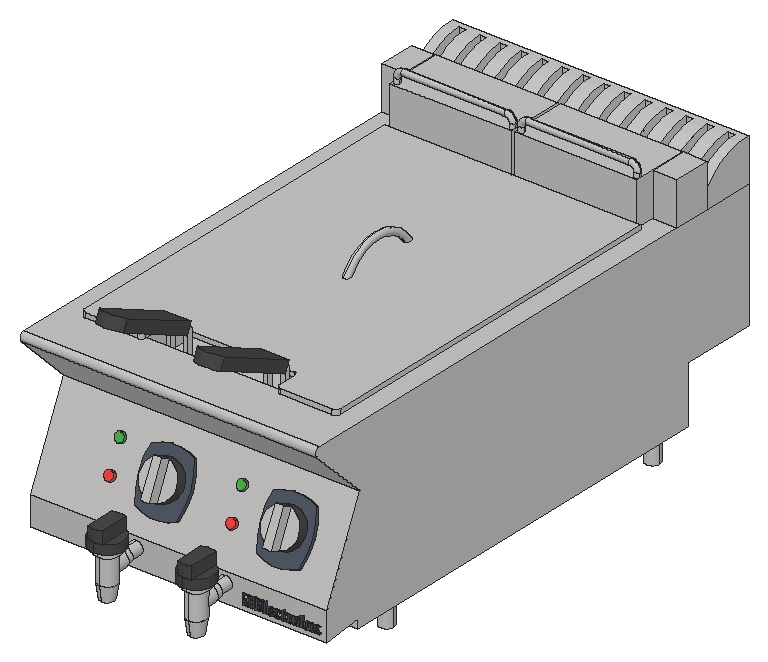
Revit family "QF_ELECTROLUXPROFESSIONAL_371139_E7FRED2A0N", category Specialty Equipment, Revit 2018 (continued)
Automatic sketch dimensions
  plane 5 "FRONT" to Extrusion 42 sketch curve = 1.377 mm  (x2)
  plane 4 "RIGHT" to Extrusion 42 sketch curve = 150.019 mm
  Extrusion 42 sketch curve to plane 1 "BACK" = 150.019 mm
  curve 120 to curve 121 = 0 mm  (x2)
  curve 122 to curve 123 = 0 mm  (x2)
  curve 82 to plane 4 "RIGHT" = 0 mm
  curve 124 to plane 3 "LEFT" = 0 mm
  curve 81 to plane 3 "LEFT" = 0 mm
  plane 1 "BACK" to curve 4 = 0 mm
  plane 4 "RIGHT" to curve 3 = 150.019 mm
  curve 12 to plane 4 "RIGHT" = 13.453 mm
  curve 12 to curve 14 = 9.296 mm
  plane 12 to curve 76 = 0.124 mm
  curve 76 to plane 4 "RIGHT" = 26.988 mm
  curve 76 to curve 89 = 4.762 mm
  plane 12 to curve 88 = 0.124 mm
  curve 76 to curve 88 = 6.35 mm
  curve 75 to curve 74 = 6.35 mm
  curve 86 to curve 137 = 4.26 mm
  plane 1 "BACK" to curve 60 = 6.761 mm
  curve 14 to curve 60 = 18.693 mm
  curve 60 to curve 63 = 9.296 mm
  plane 1 "BACK" to curve 56 = 6.761 mm
  curve 62 to curve 56 = 18.693 mm
  curve 56 to curve 58 = 9.296 mm
  plane 1 "BACK" to curve 52 = 6.761 mm
  curve 58 to curve 52 = 18.693 mm
  curve 75 to curve 73 = 69.85 mm
  curve 52 to curve 53 = 9.296 mm
  curve 73 to curve 72 = 6.35 mm
  plane 5 "FRONT" to curve 94 = 17.411 mm
  plane 7 "Center Y" to curve 94 = 84.555 mm
  curve 71 to curve 71 = 6.35 mm
  curve 94 to curve 123 = 2.624 mm
  curve 70 to curve 111 = 3.662 mm
  curve 111 to curve 112 = 5.857 mm
  plane 1 "BACK" to curve 48 = 6.761 mm
  curve 54 to curve 48 = 18.693 mm
  curve 123 to curve 129 = 8.805 mm
  plane 5 "FRONT" to curve 94 = 6.687 mm
  curve 115 to curve 94 = 18.617 mm
  curve 115 to plane 5 "FRONT" = 0.025 mm
  curve 115 to curve 94 = 0 mm
  curve 48 to curve 50 = 9.296 mm
  curve 129 to curve 123 = 9.626 mm
  curve 113 to curve 108 = 17.363 mm
  curve 122 to curve 128 = 9.626 mm
  curve 108 to curve 110 = 5.857 mm
  curve 128 to curve 122 = 6.458 mm
  curve 122 to curve 93 = 0.096 mm
  plane 1 "BACK" to curve 44 = 6.761 mm
  curve 50 to curve 44 = 18.693 mm
  curve 125 to curve 115 = 3.442 mm
  curve 115 to curve 94 = 3.442 mm
  curve 44 to curve 46 = 9.296 mm
  plane 1 "BACK" to curve 43 = 6.761 mm
  plane 7 "Center Y" to curve 43 = 18.642 mm
  curve 40 to curve 43 = 9.296 mm
  plane 7 "Center Y" to curve 135 = 5.848 mm
  plane 7 "Center Y" to curve 117 = 4.443 mm
  plane 7 "Center Y" to curve 86 = 1.587 mm
  curve 119 to plane 7 "Center Y" = 0.006 mm
  curve 84 to plane 7 "Center Y" = 1.588 mm
  curve 84 to curve 133 = 4.26 mm
  curve 37 to plane 7 "Center Y" = 9.346 mm
  curve 36 to curve 38 = 9.296 mm
  curve 37 to curve 33 = 18.693 mm
  curve 114 to plane 5 "FRONT" = 0.025 mm
  curve 114 to plane 7 "Center Y" = 43.878 mm
  curve 98 to curve 114 = 0 mm
  curve 32 to curve 34 = 9.296 mm
  curve 98 to curve 114 = 3.442 mm
  curve 95 to curve 126 = 0.205 mm
  curve 95 to curve 105 = 4.079 mm
  curve 126 to curve 120 = 9.626 mm
  curve 105 to curve 107 = 5.857 mm
  curve 33 to curve 28 = 18.693 mm
  plane 5 "FRONT" to curve 98 = 6.687 mm
  curve 114 to curve 98 = 18.617 mm
  curve 114 to curve 98 = 0 mm
  curve 120 to curve 127 = 9.626 mm
  curve 28 to curve 30 = 9.296 mm
  curve 106 to curve 102 = 17.363 mm
  curve 127 to curve 121 = 10.649 mm
  curve 102 to curve 103 = 5.857 mm
  curve 103 to curve 70 = 3.662 mm
  plane 5 "FRONT" to curve 114 = 10.698 mm
  curve 121 to curve 114 = 7.129 mm
  curve 69 to curve 68 = 6.35 mm
  curve 29 to curve 25 = 18.693 mm
  curve 67 to curve 67 = 6.35 mm
  curve 24 to curve 27 = 9.296 mm
  plane 1 "BACK" to curve 20 = 6.761 mm
  curve 26 to curve 20 = 18.693 mm
  curve 20 to curve 22 = 9.296 mm
  curve 21 to curve 16 = 18.693 mm
  curve 16 to curve 19 = 9.296 mm
  curve 130 to plane 12 = 10.711 mm
  plane 3 "LEFT" to curve 130 = 37.598 mm
  curve 17 to curve 83 = 8.104 mm
  plane 3 "LEFT" to curve 65 = 33.338 mm
  curve 83 to curve 80 = 1.588 mm
  curve 83 to curve 77 = 6.35 mm
  curve 79 to curve 9 = 9.001 mm
  curve 8 to curve 10 = 9.296 mm
  plane 5 "FRONT" to curve 1 = 1.377 mm
  curve 1 to plane 3 "LEFT" = 150.019 mm
  curve 1 to plane 1 "BACK" = 150.019 mm
  plane 1 "BACK" to curve 8 = 6.761 mm
  plane 1 "BACK" to curve 12 = 6.761 mm
  plane 1 "BACK" to curve 16 = 6.761 mm
  plane 1 "BACK" to curve 24 = 6.761 mm
  plane 1 "BACK" to curve 39 = 6.761 mm
  plane 1 "BACK" to curve 28 = 6.761 mm
  plane 1 "BACK" to curve 35 = 6.761 mm
  curve 32 to curve 33 = 57.15 mm
  curve 30 to curve 33 = 0 mm
  curve 32 to curve 36 = 0 mm
  curve 26 to curve 29 = 0 mm
  curve 36 to curve 40 = 0 mm
  curve 22 to curve 25 = 0 mm
  curve 40 to curve 44 = 0 mm
  curve 18 to curve 21 = 0 mm
  curve 44 to curve 48 = 0 mm
  curve 14 to curve 14 = 57.15 mm
  curve 48 to curve 52 = 0 mm
  curve 10 to curve 17 = 0 mm
  curve 52 to curve 56 = 0 mm
  curve 56 to curve 62 = 0 mm
  curve 13 to curve 89 = 5.939 mm
  curve 79 to curve 83 = 0 mm
  curve 78 to curve 130 = 16.277 mm
  curve 89 to plane 12 = 26.988 mm
  curve 134 to plane 12 = 10.711 mm
  curve 132 to plane 12 = 3.056 mm
  curve 137 to plane 12 = 3.056 mm
  curve 87 to curve 84 = 0 mm
  plane 8 "Center X" to curve 119 = 38.031 mm
  curve 118 to plane 8 "Center X" = 63.432 mm
  plane 11 to curve 70 = 26.127 mm
  curve 70 to curve 106 = 3.174 mm
  curve 70 to curve 104 = 3.174 mm
  plane 11 to curve 109 = 29.302 mm
  curve 70 to curve 111 = 3.174 mm
  curve 71 to curve 92 = 3.087 mm
  curve 106 to curve 107 = 6.263 mm
  curve 96 to curve 68 = 22.313 mm
  curve 91 to curve 100 = 22.313 mm
  curve 92 to curve 99 = 22.313 mm
  curve 7 to plane 5 "FRONT" = 0.483 mm
  curve 124 to plane 5 "FRONT" = 0.483 mm
  curve 125 to plane 5 "FRONT" = 0.483 mm
  plane 5 "FRONT" to curve 3 = 1.377 mm
  curve 115 to curve 91 = 6.713 mm
  curve 114 to curve 120 = 2.264 mm
  curve 120 to curve 98 = 4.449 mm
  curve 93 to curve 122 = 0.136 mm
  curve 98 to curve 126 = 0.138 mm
  curve 122 to curve 128 = 7.209 mm
  curve 123 to curve 129 = 5.031 mm
  curve 121 to curve 127 = 2.78 mm
  plane 9 "BASE" to Extrusion 43 sketch curve = 9.251 mm
  plane 9 "BASE" to Extrusion 43 sketch curve = 14.292 mm
  plane 9 "BASE" to Extrusion 43 sketch curve = 14.311 mm
  Extrusion 43 sketch curve to Extrusion 43 sketch curve = 0 mm  (x28)
  Extrusion 43 sketch curve to Extrusion 43 sketch curve = 5.108 mm  (x2)
  Extrusion 43 sketch curve to Extrusion 43 sketch curve = 0.054 mm
  Extrusion 43 sketch curve to Extrusion 43 sketch curve = 0.218 mm
  Extrusion 43 sketch curve to Extrusion 43 sketch curve = 0.195 mm
  Extrusion 43 sketch curve to Extrusion 43 sketch curve = 0.249 mm
  plane 9 "BASE" to Extrusion 43 sketch curve = 14.608 mm
  Extrusion 43 sketch curve to Extrusion 43 sketch curve = 0.087 mm
  Extrusion 43 sketch curve to Extrusion 43 sketch curve = 0.358 mm
  Extrusion 43 sketch curve to Extrusion 43 sketch curve = 0.481 mm
  Extrusion 43 sketch curve to Extrusion 43 sketch curve = 0.597 mm
  Extrusion 43 sketch curve to Extrusion 43 sketch curve = 0.544 mm
  Extrusion 43 sketch curve to Extrusion 43 sketch curve = 0.936 mm
  Extrusion 43 sketch curve to Extrusion 43 sketch curve = 0.594 mm
  Extrusion 43 sketch curve to Extrusion 43 sketch curve = 0.343 mm
  Extrusion 43 sketch curve to Extrusion 43 sketch curve = 0.159 mm
  Extrusion 43 sketch curve to Extrusion 43 sketch curve = 0.826 mm
  Extrusion 43 sketch curve to Extrusion 43 sketch curve = 0.839 mm
  Extrusion 43 sketch curve to Extrusion 43 sketch curve = 0.852 mm
  Extrusion 43 sketch curve to Extrusion 43 sketch curve = 0.887 mm
  Extrusion 43 sketch curve to Extrusion 43 sketch curve = 0.928 mm
  Extrusion 43 sketch curve to Extrusion 43 sketch curve = 0.938 mm
  Extrusion 43 sketch curve to Extrusion 43 sketch curve = 0.444 mm
  Extrusion 43 sketch curve to Extrusion 43 sketch curve = 1.11 mm  (x3)
  Extrusion 43 sketch curve to Extrusion 43 sketch curve = 0.215 mm
  Extrusion 43 sketch curve to Extrusion 43 sketch curve = 1.43 mm
  Extrusion 43 sketch curve to Extrusion 43 sketch curve = 1.188 mm
  Extrusion 43 sketch curve to Extrusion 43 sketch curve = 1.21 mm  (x2)
  Extrusion 43 sketch curve to Extrusion 43 sketch curve = 0.503 mm
  Extrusion 43 sketch curve to Extrusion 43 sketch curve = 0.488 mm
  Extrusion 43 sketch curve to plane 4 "RIGHT" = 8.187 mm
  Extrusion 43 sketch curve to Extrusion 43 sketch curve = 0.462 mm
  Extrusion 43 sketch curve to Extrusion 43 sketch curve = 1.386 mm
  Extrusion 43 sketch curve to Extrusion 43 sketch curve = 1.742 mm
  Extrusion 43 sketch curve to Extrusion 43 sketch curve = 0.821 mm
  Extrusion 43 sketch curve to Extrusion 43 sketch curve = 0.497 mm
  Extrusion 43 sketch curve to Extrusion 43 sketch curve = 0.539 mm
  Extrusion 43 sketch curve to Extrusion 43 sketch curve = 0.686 mm
  Extrusion 43 sketch curve to Extrusion 43 sketch curve = 0.408 mm
  Extrusion 43 sketch curve to Extrusion 43 sketch curve = 0.743 mm
  Extrusion 43 sketch curve to Extrusion 43 sketch curve = 1.16 mm
  Extrusion 43 sketch curve to Extrusion 43 sketch curve = 0.329 mm
  Extrusion 43 sketch curve to Extrusion 43 sketch curve = 1.054 mm
  Extrusion 43 sketch curve to Extrusion 43 sketch curve = 1.056 mm
  Extrusion 43 sketch curve to Extrusion 43 sketch curve = 0.129 mm
  Extrusion 43 sketch curve to Extrusion 43 sketch curve = 0.489 mm
  Extrusion 43 sketch curve to Extrusion 43 sketch curve = 0.441 mm
  Extrusion 43 sketch curve to Extrusion 43 sketch curve = 1.151 mm
  Extrusion 43 sketch curve to Extrusion 43 sketch curve = 1.141 mm  (x2)
  Extrusion 43 sketch curve to Extrusion 43 sketch curve = 0.768 mm
  Extrusion 43 sketch curve to Extrusion 43 sketch curve = 1.653 mm
  Extrusion 43 sketch curve to Extrusion 43 sketch curve = 0.499 mm
  Extrusion 43 sketch curve to Extrusion 43 sketch curve = 0.964 mm
  Extrusion 43 sketch curve to Extrusion 43 sketch curve = 0.949 mm
  Extrusion 43 sketch curve to Extrusion 43 sketch curve = 1.345 mm  (x3)
  Extrusion 43 sketch curve to Extrusion 43 sketch curve = 1.101 mm
  Extrusion 43 sketch curve to Extrusion 43 sketch curve = 0.432 mm
  Extrusion 43 sketch curve to Extrusion 43 sketch curve = 1.142 mm
  Extrusion 43 sketch curve to Extrusion 43 sketch curve = 0.959 mm
  Extrusion 43 sketch curve to Extrusion 43 sketch curve = 0.176 mm
  Extrusion 43 sketch curve to Extrusion 43 sketch curve = 0.728 mm
  Extrusion 43 sketch curve to Extrusion 43 sketch curve = 3.375 mm  (x2)
  Extrusion 43 sketch curve to Extrusion 43 sketch curve = 0.541 mm
  Extrusion 43 sketch curve to Extrusion 43 sketch curve = 0.955 mm
  Extrusion 43 sketch curve to Extrusion 43 sketch curve = 1.251 mm
  Extrusion 43 sketch curve to Extrusion 43 sketch curve = 0.572 mm
  Extrusion 43 sketch curve to Extrusion 43 sketch curve = 1.92 mm
  Extrusion 43 sketch curve to Extrusion 43 sketch curve = 1.224 mm
  Extrusion 43 sketch curve to Extrusion 43 sketch curve = 0.745 mm
  Extrusion 43 sketch curve to Extrusion 43 sketch curve = 2.537 mm
  Extrusion 43 sketch curve to Extrusion 43 sketch curve = 0.896 mm  (x3)
  Extrusion 43 sketch curve to Extrusion 43 sketch curve = 0.036 mm
  Extrusion 43 sketch curve to Extrusion 43 sketch curve = 2.607 mm
  Extrusion 43 sketch curve to Extrusion 43 sketch curve = 0.066 mm
  Extrusion 43 sketch curve to Extrusion 43 sketch curve = 0.248 mm
  Extrusion 43 sketch curve to Extrusion 43 sketch curve = 0.449 mm
  Extrusion 43 sketch curve to Extrusion 43 sketch curve = 1.052 mm
  Extrusion 43 sketch curve to Extrusion 43 sketch curve = 1.863 mm
  Extrusion 43 sketch curve to Extrusion 43 sketch curve = 1.31 mm  (x2)
  Extrusion 43 sketch curve to Extrusion 43 sketch curve = 0.901 mm
  Extrusion 43 sketch curve to Extrusion 43 sketch curve = 1.107 mm
  Extrusion 43 sketch curve to Extrusion 43 sketch curve = 2.122 mm
  Extrusion 43 sketch curve to Extrusion 43 sketch curve = 2.101 mm
  Extrusion 43 sketch curve to Extrusion 43 sketch curve = 0.106 mm
  Extrusion 43 sketch curve to Extrusion 43 sketch curve = 0.029 mm
  Extrusion 43 sketch curve to Extrusion 43 sketch curve = 2.09 mm
  Extrusion 43 sketch curve to Extrusion 43 sketch curve = 1.279 mm
  Extrusion 43 sketch curve to Extrusion 43 sketch curve = 2.008 mm
  Extrusion 43 sketch curve to Extrusion 43 sketch curve = 0.738 mm
  Extrusion 43 sketch curve to Extrusion 43 sketch curve = 0.382 mm
  Extrusion 43 sketch curve to Extrusion 43 sketch curve = 0.384 mm
  Extrusion 43 sketch curve to Extrusion 43 sketch curve = 0.002 mm
  Extrusion 43 sketch curve to Extrusion 43 sketch curve = 0.561 mm
  Extrusion 43 sketch curve to Extrusion 43 sketch curve = 0.592 mm
  Extrusion 43 sketch curve to Extrusion 43 sketch curve = 2.692 mm
  Extrusion 43 sketch curve to Extrusion 43 sketch curve = 1.259 mm
  Extrusion 43 sketch curve to Extrusion 43 sketch curve = 0.802 mm
  Extrusion 43 sketch curve to Extrusion 43 sketch curve = 1.024 mm  (x2)
  Extrusion 43 sketch curve to Extrusion 43 sketch curve = 0.682 mm
  Extrusion 43 sketch curve to Extrusion 43 sketch curve = 5.934 mm
  Extrusion 43 sketch curve to Extrusion 43 sketch curve = 2.186 mm
  Extrusion 43 sketch curve to Extrusion 43 sketch curve = 0.337 mm
  Extrusion 43 sketch curve to Extrusion 43 sketch curve = 0.021 mm
  Extrusion 43 sketch curve to Extrusion 43 sketch curve = 1.005 mm
  Extrusion 43 sketch curve to Extrusion 43 sketch curve = 0.552 mm
  Extrusion 43 sketch curve to Extrusion 43 sketch curve = 0.778 mm
  Extrusion 43 sketch curve to Extrusion 43 sketch curve = 0.063 mm
  Extrusion 43 sketch curve to Extrusion 43 sketch curve = 1.023 mm
  Extrusion 43 sketch curve to Extrusion 43 sketch curve = 3.804 mm
  Extrusion 43 sketch curve to Extrusion 43 sketch curve = 0.486 mm
  Extrusion 43 sketch curve to Extrusion 43 sketch curve = 0.266 mm
  Extrusion 43 sketch curve to Extrusion 43 sketch curve = 1.547 mm
  Extrusion 43 sketch curve to Extrusion 43 sketch curve = 0.717 mm  (x2)
  Extrusion 43 sketch curve to Extrusion 43 sketch curve = 1.667 mm
  Extrusion 43 sketch curve to Extrusion 43 sketch curve = 3.174 mm
  Extrusion 43 sketch curve to Extrusion 43 sketch curve = 0.388 mm
  Extrusion 43 sketch curve to Extrusion 43 sketch curve = 1.342 mm
  Extrusion 43 sketch curve to plane 4 "RIGHT" = 10.974 mm
  Extrusion 43 sketch curve to Extrusion 43 sketch curve = 1.521 mm
  Extrusion 43 sketch curve to plane 4 "RIGHT" = 9.415 mm
  Extrusion 43 sketch curve to Extrusion 43 sketch curve = 0.124 mm
  Extrusion 43 sketch curve to Extrusion 43 sketch curve = 0.291 mm
  Extrusion 43 sketch curve to Extrusion 43 sketch curve = 1.049 mm  (x2)
  Extrusion 43 sketch curve to Extrusion 43 sketch curve = 1.7 mm
  Extrusion 43 sketch curve to Extrusion 43 sketch curve = 0.894 mm
  Extrusion 43 sketch curve to Extrusion 43 sketch curve = 0.989 mm
  Extrusion 43 sketch curve to Extrusion 43 sketch curve = 1.168 mm
  Extrusion 43 sketch curve to Extrusion 43 sketch curve = 1.594 mm
  Extrusion 43 sketch curve to Extrusion 43 sketch curve = 0.731 mm
  Extrusion 43 sketch curve to Extrusion 43 sketch curve = 1.566 mm
  Extrusion 43 sketch curve to Extrusion 43 sketch curve = 0.064 mm
  Extrusion 43 sketch curve to Extrusion 43 sketch curve = 0.556 mm  (x2)
  Extrusion 43 sketch curve to Extrusion 43 sketch curve = 0.48 mm
  Extrusion 43 sketch curve to Extrusion 43 sketch curve = 1.018 mm
  Extrusion 43 sketch curve to Extrusion 43 sketch curve = 0.787 mm
  Extrusion 43 sketch curve to Extrusion 43 sketch curve = 0.618 mm
  Extrusion 43 sketch curve to Extrusion 43 sketch curve = 1.672 mm
  Extrusion 43 sketch curve to plane 4 "RIGHT" = 7.673 mm
  Extrusion 43 sketch curve to Extrusion 43 sketch curve = 1.361 mm
  Extrusion 43 sketch curve to Extrusion 43 sketch curve = 0.822 mm
  Extrusion 43 sketch curve to Extrusion 43 sketch curve = 0.069 mm
  Extrusion 43 sketch curve to Extrusion 43 sketch curve = 1.88 mm
  Extrusion 43 sketch curve to Extrusion 43 sketch curve = 0.42 mm
  Extrusion 43 sketch curve to Extrusion 43 sketch curve = 0.062 mm
  Extrusion 43 sketch curve to Extrusion 43 sketch curve = 1.355 mm
  Extrusion 43 sketch curve to Extrusion 43 sketch curve = 2.34 mm
  Extrusion 43 sketch curve to Extrusion 43 sketch curve = 0.493 mm
  Extrusion 43 sketch curve to Extrusion 43 sketch curve = 0.136 mm
  Extrusion 43 sketch curve to Extrusion 43 sketch curve = 0.128 mm
  Extrusion 43 sketch curve to Extrusion 43 sketch curve = 3.616 mm
  Extrusion 43 sketch curve to Extrusion 43 sketch curve = 4.207 mm
  Extrusion 43 sketch curve to Extrusion 43 sketch curve = 0.183 mm
  Extrusion 43 sketch curve to Extrusion 43 sketch curve = 0.895 mm
  Extrusion 43 sketch curve to Extrusion 43 sketch curve = 1.314 mm
  Extrusion 43 sketch curve to Extrusion 43 sketch curve = 3.231 mm
  Extrusion 43 sketch curve to Extrusion 43 sketch curve = 1.299 mm
  Extrusion 43 sketch curve to Extrusion 43 sketch curve = 1.214 mm
  Extrusion 43 sketch curve to Extrusion 43 sketch curve = 1.264 mm
  Extrusion 43 sketch curve to Extrusion 43 sketch curve = 0.109 mm
  Extrusion 43 sketch curve to Extrusion 43 sketch curve = 0.357 mm
  Extrusion 43 sketch curve to Extrusion 43 sketch curve = 0.565 mm
  Extrusion 43 sketch curve to Extrusion 43 sketch curve = 2.504 mm
  Extrusion 43 sketch curve to Extrusion 43 sketch curve = 2.459 mm
  Extrusion 43 sketch curve to Extrusion 43 sketch curve = 0.983 mm
  Extrusion 43 sketch curve to Extrusion 43 sketch curve = 0.422 mm  (x2)
  Extrusion 43 sketch curve to Extrusion 43 sketch curve = 0.494 mm
  Extrusion 43 sketch curve to Extrusion 43 sketch curve = 3.927 mm
  Extrusion 43 sketch curve to Extrusion 43 sketch curve = 0.782 mm
  Extrusion 43 sketch curve to Extrusion 43 sketch curve = 1.268 mm
  Extrusion 43 sketch curve to Extrusion 43 sketch curve = 0.671 mm
  Extrusion 43 sketch curve to Extrusion 43 sketch curve = 0.777 mm
  Extrusion 43 sketch curve to Extrusion 43 sketch curve = 0.704 mm
  Extrusion 43 sketch curve to Extrusion 43 sketch curve = 0.781 mm  (x2)
  Extrusion 43 sketch curve to Extrusion 43 sketch curve = 1.634 mm
  Extrusion 43 sketch curve to Extrusion 43 sketch curve = 0.132 mm
  Extrusion 43 sketch curve to Extrusion 43 sketch curve = 3.136 mm
  Extrusion 43 sketch curve to Extrusion 43 sketch curve = 2.422 mm
  Extrusion 43 sketch curve to Extrusion 43 sketch curve = 0.586 mm
  Extrusion 43 sketch curve to Extrusion 43 sketch curve = 2.046 mm  (x2)
  Extrusion 43 sketch curve to Extrusion 43 sketch curve = 1.241 mm
  Extrusion 43 sketch curve to Extrusion 43 sketch curve = 1.689 mm
  Extrusion 43 sketch curve to Extrusion 43 sketch curve = 2.859 mm
  Extrusion 43 sketch curve to Extrusion 43 sketch curve = 0.627 mm
  Extrusion 43 sketch curve to Extrusion 43 sketch curve = 0.863 mm
  Extrusion 43 sketch curve to Extrusion 43 sketch curve = 0.419 mm
  Extrusion 43 sketch curve to Extrusion 43 sketch curve = 1.514 mm
  Extrusion 43 sketch curve to Extrusion 43 sketch curve = 1.019 mm
  Extrusion 43 sketch curve to Extrusion 43 sketch curve = 0.065 mm
  Extrusion 43 sketch curve to Extrusion 43 sketch curve = 1.215 mm
  Extrusion 43 sketch curve to Extrusion 43 sketch curve = 2.708 mm
  Extrusion 43 sketch curve to Extrusion 43 sketch curve = 1.122 mm
  Extrusion 43 sketch curve to Extrusion 43 sketch curve = 1.153 mm
  Extrusion 43 sketch curve to Extrusion 43 sketch curve = 3.009 mm
  Extrusion 43 sketch curve to Extrusion 43 sketch curve = 0.829 mm  (x2)
  Extrusion 43 sketch curve to Extrusion 43 sketch curve = 0.934 mm
  Extrusion 43 sketch curve to Extrusion 43 sketch curve = 3.376 mm
  Extrusion 43 sketch curve to Extrusion 43 sketch curve = 0.222 mm
  Extrusion 43 sketch curve to Extrusion 43 sketch curve = 1.383 mm
  Extrusion 43 sketch curve to Extrusion 43 sketch curve = 1.556 mm
  Extrusion 43 sketch curve to Extrusion 43 sketch curve = 2.559 mm
  Extrusion 43 sketch curve to Extrusion 43 sketch curve = 2.51 mm
  Extrusion 43 sketch curve to Extrusion 43 sketch curve = 0.131 mm
  Extrusion 43 sketch curve to Extrusion 43 sketch curve = 1.717 mm
  Extrusion 43 sketch curve to Extrusion 43 sketch curve = 1.134 mm
  Extrusion 43 sketch curve to Extrusion 43 sketch curve = 0.366 mm
  Extrusion 43 sketch curve to Extrusion 43 sketch curve = 0.094 mm
  Extrusion 43 sketch curve to Extrusion 43 sketch curve = 1.584 mm
  Extrusion 43 sketch curve to Extrusion 43 sketch curve = 1.501 mm
  Extrusion 43 sketch curve to Extrusion 43 sketch curve = 0.27 mm
  Extrusion 43 sketch curve to Extrusion 43 sketch curve = 1.808 mm
  Extrusion 43 sketch curve to Extrusion 43 sketch curve = 0.643 mm
  Extrusion 43 sketch curve to Extrusion 43 sketch curve = 0.916 mm
  Extrusion 43 sketch curve to Extrusion 43 sketch curve = 0.352 mm
  Extrusion 43 sketch curve to Extrusion 43 sketch curve = 0.458 mm
  Extrusion 43 sketch curve to Extrusion 43 sketch curve = 1.282 mm
  Extrusion 43 sketch curve to Extrusion 43 sketch curve = 1.363 mm
  Extrusion 43 sketch curve to Extrusion 43 sketch curve = 0.685 mm
  Extrusion 43 sketch curve to Extrusion 43 sketch curve = 0.905 mm
  Extrusion 43 sketch curve to Extrusion 43 sketch curve = 2.865 mm
  Extrusion 43 sketch curve to Extrusion 43 sketch curve = 0.472 mm
  Extrusion 43 sketch curve to Extrusion 43 sketch curve = 0.101 mm
  Extrusion 43 sketch curve to Extrusion 43 sketch curve = 0.54 mm
  Extrusion 43 sketch curve to Extrusion 43 sketch curve = 0.02 mm
  Extrusion 43 sketch curve to Extrusion 43 sketch curve = 0.468 mm
  Extrusion 43 sketch curve to Extrusion 43 sketch curve = 0.582 mm
  Extrusion 43 sketch curve to Extrusion 43 sketch curve = 0.166 mm
  Extrusion 43 sketch curve to Extrusion 43 sketch curve = 0.16 mm
  Extrusion 43 sketch curve to Extrusion 43 sketch curve = 2.781 mm
  Extrusion 43 sketch curve to Extrusion 43 sketch curve = 1.118 mm
  Extrusion 43 sketch curve to Extrusion 43 sketch curve = 0.613 mm
  Extrusion 43 sketch curve to Extrusion 43 sketch curve = 0.361 mm
  Extrusion 43 sketch curve to Extrusion 43 sketch curve = 0.897 mm
  Extrusion 43 sketch curve to Extrusion 43 sketch curve = 0.167 mm
  Extrusion 43 sketch curve to Extrusion 43 sketch curve = 0.292 mm
  Extrusion 43 sketch curve to Extrusion 43 sketch curve = 0.305 mm
  Extrusion 43 sketch curve to Extrusion 43 sketch curve = 1.557 mm
  Extrusion 43 sketch curve to Extrusion 43 sketch curve = 2.499 mm
  Extrusion 43 sketch curve to Extrusion 43 sketch curve = 3.062 mm
  Extrusion 43 sketch curve to Extrusion 43 sketch curve = 2.968 mm
  Extrusion 43 sketch curve to Extrusion 43 sketch curve = 5.044 mm
  Extrusion 43 sketch curve to Extrusion 43 sketch curve = 0.629 mm  (x2)
  Extrusion 43 sketch curve to Extrusion 43 sketch curve = 1.131 mm
  Extrusion 43 sketch curve to Extrusion 43 sketch curve = 0.137 mm
  Extrusion 43 sketch curve to Extrusion 43 sketch curve = 0.027 mm
  Extrusion 43 sketch curve to Extrusion 43 sketch curve = 2.235 mm
  radius of Sweep 7 sketch curve = 4.353 mm
  radius of Sweep 8 sketch curve = 3.827 mm
  radius of Sweep 9 sketch curve = 3.827 mm
  radius of Extrusion 24 sketch curve = 9.525 mm  (x4)
  radius of Extrusion 32 sketch curve = 25.4 mm  (x2)
  radius of Extrusion 33 sketch curve to Extrusion 32 = 0 mm  (x4)
  radius of Extrusion 34 sketch curve = 6.35 mm  (x2)
  radius of Extrusion 35 sketch curve = 6.35 mm  (x2)
  radius of Extrusion 40 sketch curve to Revolve 36 = 0 mm  (x2)
  radius of Extrusion 41 sketch curve = 12.7 mm
Connectors
  electrical at (62.029, -88.9, 59.306), driven by "Volts", driven by "Watts"
    settings: on Extrusion 41, index 1, voltage 230 V, apparent load 9000 VA, apparent load phase1 0 VA, apparent load phase2 0 VA, apparent load phase3 0 VA, power factor 1, load classification "Other", number of poles 1, system type 30, power factor state 1, is connector primary yes, connector utility no, sub classification motor no, connector description "Electrical Connection"
